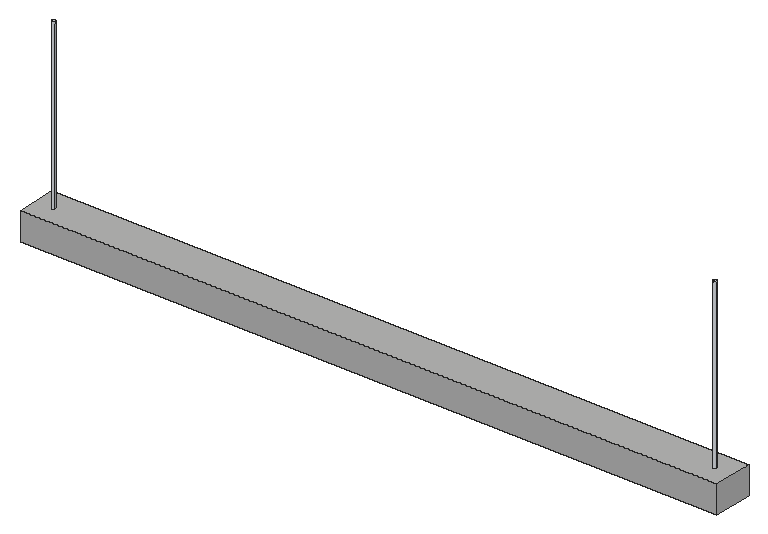
Revit family "Lum_Teto_Retangular_Pendente", category Lighting Fixtures, host Ceiling, Revit 2025
Family settings
  Host = Ceiling
  Round Connector Dimension = Use Diameter
  Part Type = Normal
  OmniClass Number = 23.80.70.11
  OmniClass Title = Luminaries for Internal Lighting
  Always vertical = Yes
  Cut with Voids When Loaded = No
  Light Source = Yes
  Maintain Annotation Orientation = No
  Shared = No
  Room Calculation Point = Yes
Parameters (values of type "LIMI_TP")
  Wattage = 16.1571 W
  built-in parameter 1150110 = 1 (stored number, unit not read)
  built-in parameter 1114217 = 1 (stored number, unit not read)
  built-in parameter 1150109 = 1 (stored number, unit not read)
  built-in parameter 1150134 = (empty or 0)
  built-in parameter 1150113 = 1 (stored number, unit not read)
  Lumens = 2400 lm
  built-in parameter 1150115 = 1 (stored number, unit not read)
  built-in parameter 1150105 = 763.94 (stored number, unit not read)
  Light Source Symbol Size = 0.030 m
  built-in parameter 1150137 = (empty or 0)
  built-in parameter 1150139 = (empty or 0)
  built-in parameter 1150112 = 1 (stored number, unit not read)
  built-in parameter 1150114 = 1 (stored number, unit not read)
  L = 0.070 m
  built-in parameter 1150132 = 2
  built-in parameter 1150102 = (empty or 0)
  built-in parameter 1150138 = (empty or 0)
  built-in parameter 1150107 = 3000 (stored number, unit not read)
  built-in parameter 1150106 = 7.6394 (stored number, unit not read)
  built-in parameter 1150126 = 1.000 m
  built-in parameter 1150104 = 13.8 (stored number, unit not read)
  E = L / 2  # 0.035 m
  Dimming Lamp Color Temperature Shift = <None>
  Diffuser = Opal Diffuser
  Default Elevation = 0.000 m
  D = 0.300 m
  Color Filter = 16777215
  C = 1.250 m
  Body = Aluminum Housing
  Emit from Line Length = 0.3048 m
  built-in parameter 1150133 = 10 (stored number, unit not read)
  A = 0.050 m
Reference planes (m)
  plane 1 "Light Source Axis (F/B)": y = 0
  plane 2 "Ceiling": z = 2.4384
  plane 3 "Light Source Axis (L/R)": x = 0
  plane 4 "Light Source Elevation": z = 2.0884
  plane 5: z = 2.1384
Forms (m)
  Extrusion 1, solid, material "Aluminum Housing" <- "Body"
    sketch origin (-0.02, 0, 2.0884) x (0, -1, 0) y (1, 0, 0)
      loop
        line (-0.035, -0.605) -> (0.035, -0.605) -> (0.035, 0.645) -> (-0.035, 0.645) -> (-0.035, -0.605)
    from 0 to 0.05
  Extrusion 2, solid
    sketch origin (0, -0.001495, 0) x (1, 0, 0) y (0, 1, 0)
      loop
        circle (-0.593446, 0.001495) r 0.003039
    from 2.1384 to 2.4384
  Extrusion 3, solid
    sketch origin (0, -0.001495, 0) x (-1, 0, 0) y (0, -1, 0)
      loop
        circle (-0.593446, -0.001495) r 0.003039
    from 2.1384 to 2.4384
Dimensions and locks (m)
  equal spacing: host sketch curve, plane 3 "Light Source Axis (L/R)", host sketch curve
  equal spacing: host sketch curve, plane 1 "Light Source Axis (F/B)", host sketch curve
  host sketch curve to host sketch curve = 3.048 m  (x2)
  equal spacing: Extrusion 1, plane 3 "Light Source Axis (L/R)", Extrusion 1
  equal spacing: Extrusion 1, plane 1 "Light Source Axis (F/B)", Extrusion 1
  "C": Extrusion 1 to Extrusion 1
  "L": Extrusion 1 to Extrusion 1
  "A": plane 5 to plane 4 "Light Source Elevation"
  "D": plane 2 "Ceiling" to plane 5
  aligned and locked: plane 3 "Light Source Axis (L/R)" to imposter light
  aligned and locked: plane 1 "Light Source Axis (F/B)" to imposter light
  aligned and locked: plane 4 "Light Source Elevation" to imposter light
  aligned and locked: plane 5 to Extrusion 1
  aligned and locked: plane 2 "Ceiling" to Extrusion 2
  aligned and locked: Extrusion 2 to Extrusion 1
  aligned and locked: Extrusion 2 to plane 1 "Light Source Axis (F/B)"
  aligned and locked: plane 1 "Light Source Axis (F/B)" to Extrusion 3
  aligned and locked: Extrusion 3 to Extrusion 1
  aligned and locked: host ceiling to Extrusion 3
Automatic sketch dimensions
  Extrusion 1 sketch curve to plane 1 "Light Source Axis (F/B)" = 0.035 m
  plane 1 "Light Source Axis (F/B)" to Extrusion 1 sketch curve = 0.035 m
  Extrusion 1 sketch curve to plane 3 "Light Source Axis (L/R)" = 0.625 m
  plane 3 "Light Source Axis (L/R)" to Extrusion 1 sketch curve = 0.625 m
  Extrusion 2 sketch curve to plane 1 "Light Source Axis (F/B)" = 0.000 m
  Extrusion 2 sketch curve to plane 3 "Light Source Axis (L/R)" = 0.593446 m
  plane 1 "Light Source Axis (F/B)" to Extrusion 3 sketch curve = 0.000 m
  plane 3 "Light Source Axis (L/R)" to Extrusion 3 sketch curve = 0.593446 m
  radius of Extrusion 2 sketch curve = 0.003039 m
  radius of Extrusion 3 sketch curve = 0.003039 m
